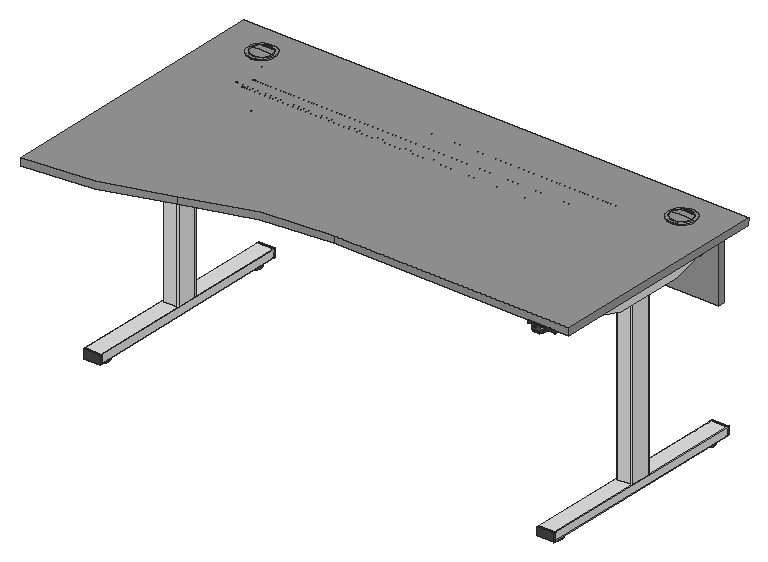
Revit family "Wave Desk with Cable Ports - LH", category Furniture, Revit 2016 (continued)
Definition of nested family "Cable Tray"
  Lines and regions (mm)
    sketch lines
      curve 156: arc (-300, 330.808, 613.5) -> (-300, 332.571, 614.073) -> (-300, 333.661, 615.573) r 3
      curve 164: line (-400, 330.808, 613.5) -> (-400, 247.192, 613.5)
      curve 165: arc (-400, 247.192, 613.5) -> (-400, 245.429, 614.073) -> (-400, 244.339, 615.573) r 3
      curve 166: line (-400, 244.339, 615.573) -> (-400, 236.24, 640.5)
      curve 167: line (-400, 333.661, 615.573) -> (-400, 341.76, 640.5)
      curve 168: arc (-400, 330.808, 613.5) -> (-400, 332.571, 614.073) -> (-400, 333.661, 615.573) r 3
      curve 176: line (-500, 330.808, 613.5) -> (-500, 247.192, 613.5)
      curve 177: arc (-500, 247.192, 613.5) -> (-500, 245.429, 614.073) -> (-500, 244.339, 615.573) r 3
      curve 178: line (-500, 244.339, 615.573) -> (-500, 236.24, 640.5)
      curve 179: line (-500, 333.661, 615.573) -> (-500, 341.76, 640.5)
      curve 180: arc (-500, 330.808, 613.5) -> (-500, 332.571, 614.073) -> (-500, 333.661, 615.573) r 3
      curve 188: line (-600, 330.808, 613.5) -> (-600, 247.192, 613.5)
      curve 189: arc (-600, 247.192, 613.5) -> (-600, 245.429, 614.073) -> (-600, 244.339, 615.573) r 3
      curve 190: line (-600, 244.339, 615.573) -> (-600, 236.24, 640.5)
      curve 191: line (-600, 333.661, 615.573) -> (-600, 341.76, 640.5)
      curve 192: arc (-600, 330.808, 613.5) -> (-600, 332.571, 614.073) -> (-600, 333.661, 615.573) r 3
      curve 200: line (-700, 330.808, 613.5) -> (-700, 247.192, 613.5)
      curve 201: arc (-700, 247.192, 613.5) -> (-700, 245.429, 614.073) -> (-700, 244.339, 615.573) r 3
      curve 202: line (-700, 244.339, 615.573) -> (-700, 236.24, 640.5)
      curve 203: line (-700, 333.661, 615.573) -> (-700, 341.76, 640.5)
      curve 204: arc (-700, 330.808, 613.5) -> (-700, 332.571, 614.073) -> (-700, 333.661, 615.573) r 3
      curve 212: line (-200, 330.808, 613.5) -> (-200, 247.192, 613.5)
      curve 213: arc (-200, 247.192, 613.5) -> (-200, 245.429, 614.073) -> (-200, 244.339, 615.573) r 3
      curve 214: line (-200, 244.339, 615.573) -> (-200, 236.24, 640.5)
      curve 215: line (-200, 333.661, 615.573) -> (-200, 341.76, 640.5)
      curve 216: arc (-200, 330.808, 613.5) -> (-200, 332.571, 614.073) -> (-200, 333.661, 615.573) r 3
    sketch lines, not visible
      curve 20: line (0, 318.719, 618.385) -> (0, 235.103, 618.385)
      curve 21: arc (0, 235.103, 618.385) -> (0, 233.34, 618.958) -> (0, 232.25, 620.458) r 3
      curve 22: line (0, 232.25, 620.458) -> (0, 224.151, 645.385)
      curve 23: line (0, 321.572, 620.458) -> (0, 329.671, 645.385)
      curve 24: arc (0, 318.719, 618.385) -> (0, 320.482, 618.958) -> (0, 321.572, 620.458) r 3
  Dimensions and locks
    equal spacing: plane 4, plane 3 "Center (Left/Right)", plane 5
    "Width": plane 4 to plane 5
    equal spacing: plane 7, plane 1 "Center (Front/Back)", plane 8
    locked: plane 7 to plane 8 at 800
    locked: plane 2 to plane 9 "Foot" at 15
    "HeightControl": plane 10 to level
    locked: plane 10 to plane 6 "Desktop Underside" at 25
    locked: plane 4 to plane 11 "Cable Tray Left" at 100
    locked: plane 12 "Cable Tray Right" to plane 5 at 100
    equal spacing: curve 3, curve 51, curve 123, curve 63, curve 75, curve 87, curve 99, curve 111, curve 27
    equal spacing: curve 39, curve 195, curve 183, curve 171, curve 159, curve 147, curve 207, curve 135, curve 3
    locked: plane 6 "Desktop Underside" to Extrusion 1 at 61.5
    locked: plane 7 to Extrusion 1 at 53.5
    locked: plane 6 "Desktop Underside" to Sweep 5 at 61.964
    locked: plane 6 "Desktop Underside" to Sweep 18 at 61.964
    locked: plane 6 "Desktop Underside" to Sweep 17 at 61.964
    locked: plane 6 "Desktop Underside" to Sweep 16 at 61.964
    locked: plane 6 "Desktop Underside" to Sweep 15 at 61.964
    locked: plane 6 "Desktop Underside" to Sweep 14 at 61.964
    locked: plane 6 "Desktop Underside" to Sweep 19 at 61.964
    locked: plane 6 "Desktop Underside" to Sweep 13 at 61.964
    locked: plane 6 "Desktop Underside" to Sweep 2 at 61.964
    locked: plane 6 "Desktop Underside" to Sweep 6 at 61.964
    locked: plane 6 "Desktop Underside" to Sweep 12 at 61.964
    locked: plane 6 "Desktop Underside" to Sweep 7 at 61.964
    locked: plane 6 "Desktop Underside" to Sweep 8 at 61.964
    locked: plane 6 "Desktop Underside" to Sweep 9 at 61.964
    locked: plane 6 "Desktop Underside" to Sweep 10 at 61.964
    locked: plane 6 "Desktop Underside" to Sweep 11 at 61.964
    locked: plane 6 "Desktop Underside" to Sweep 4 at 61.964
    locked: plane 7 to Extrusion 20 at 50.5
    locked: Extrusion 20 to plane 12 "Cable Tray Right" at 160
    locked: Extrusion 20 to Extrusion 20 at 25
    locked: Extrusion 21 to Extrusion 21 at 25
    locked: plane 11 "Cable Tray Left" to Extrusion 21 at 160
    aligned and locked: level to plane 2
    aligned and locked: Extrusion 1 to plane 12 "Cable Tray Right"
    aligned and locked: Extrusion 1 to plane 11 "Cable Tray Left"
    aligned and locked: plane 12 "Cable Tray Right" to curve 27
    aligned and locked: curve 39 to plane 11 "Cable Tray Left"
    aligned and locked: plane 6 "Desktop Underside" to Extrusion 20
  Automatic sketch dimensions
    Sweep 2 sketch curve to profile plane = 0 mm  (x2)
    Sweep 3 sketch curve to profile plane = 0 mm  (x2)
    Sweep 4 sketch curve to profile plane = 0 mm  (x2)
    Sweep 5 sketch curve to profile plane = 0 mm  (x2)
    Sweep 6 sketch curve to profile plane = 0 mm  (x2)
    Sweep 7 sketch curve to profile plane = 0 mm  (x2)
    Sweep 8 sketch curve to profile plane = 0 mm  (x2)
    Sweep 9 sketch curve to profile plane = 0 mm  (x2)
    Sweep 10 sketch curve to profile plane = 0 mm  (x2)
    Sweep 11 sketch curve to profile plane = 0 mm  (x2)
    Sweep 12 sketch curve to profile plane = 0 mm  (x2)
    Sweep 13 sketch curve to profile plane = 0 mm  (x2)
    Sweep 14 sketch curve to profile plane = 0 mm  (x2)
    Sweep 15 sketch curve to profile plane = 0 mm  (x2)
    Sweep 16 sketch curve to profile plane = 0 mm  (x2)
    Sweep 17 sketch curve to profile plane = 0 mm  (x2)
    Sweep 18 sketch curve to profile plane = 0 mm  (x2)
    Sweep 19 sketch curve to profile plane = 0 mm  (x2)
    Extrusion 1 sketch curve to plane 6 "Desktop Underside" = 61.5 mm  (x2)
    Extrusion 1 sketch curve to plane 7 = 167 mm
    Extrusion 1 sketch curve to Extrusion 1 sketch curve = 31 mm  (x2)
    Extrusion 1 sketch curve to Extrusion 1 sketch curve = 50 mm
    Extrusion 1 sketch curve to Extrusion 1 sketch curve = 30 mm  (x2)
    Extrusion 20 sketch curve to Extrusion 20 sketch curve = 0 mm  (x11)
    Extrusion 20 sketch curve to plane 6 "Desktop Underside" = 0 mm
    Extrusion 20 sketch curve to plane 6 "Desktop Underside" = 31.5 mm
    Extrusion 20 sketch curve to plane 7 = 171.565 mm
    Extrusion 20 sketch curve to Extrusion 20 sketch curve = 0.065 mm  (x2)
    Extrusion 20 sketch curve to Extrusion 20 sketch curve = 3 mm  (x4)
    Extrusion 20 sketch curve to Extrusion 20 sketch curve = 1.5 mm  (x4)
    Extrusion 20 sketch curve to Extrusion 20 sketch curve = 2.634 mm
    Extrusion 20 sketch curve to Extrusion 20 sketch curve = 0.049 mm  (x2)
    Extrusion 20 sketch curve to Extrusion 20 sketch curve = 39.801 mm
    Extrusion 20 sketch curve to Extrusion 20 sketch curve = 6 mm  (x2)
    Extrusion 20 sketch curve to Extrusion 20 sketch curve = 54.484 mm
    Extrusion 20 sketch curve to plane 6 "Desktop Underside" = 5 mm  (x2)
    Extrusion 20 sketch curve to Extrusion 20 sketch curve = 12 mm
    Extrusion 20 sketch curve to Extrusion 20 sketch curve = 36.451 mm
    Extrusion 20 sketch curve to Extrusion 20 sketch curve = 0.35 mm
    Extrusion 20 sketch curve to Extrusion 20 sketch curve = 0.016 mm
    Extrusion 20 sketch curve to plane 6 "Desktop Underside" = 56.074 mm
    Extrusion 20 sketch curve to Extrusion 20 sketch curve = 20.781 mm
    Extrusion 20 sketch curve to Extrusion 20 sketch curve = 5 mm  (x3)
    Extrusion 20 sketch curve to Extrusion 20 sketch curve = 5.426 mm
    Extrusion 20 sketch curve to Extrusion 20 sketch curve = 81.082 mm
    Extrusion 20 sketch curve to Extrusion 20 sketch curve = 3.312 mm
    Extrusion 20 sketch curve to Extrusion 20 sketch curve = 20.355 mm
    Extrusion 20 sketch curve to Extrusion 20 sketch curve = 2 mm  (x2)
    Extrusion 20 sketch curve to Extrusion 20 sketch curve = 0.293 mm  (x2)
    Extrusion 20 sketch curve to Extrusion 20 sketch curve = 3.101 mm
    Extrusion 20 sketch curve to plane 6 "Desktop Underside" = 8.101 mm
    Extrusion 20 sketch curve to Extrusion 20 sketch curve = 0.033 mm
    Extrusion 20 sketch curve to Extrusion 20 sketch curve = 1.263 mm
    Extrusion 21 sketch curve to Extrusion 21 sketch curve = 0 mm  (x11)
    Extrusion 21 sketch curve to plane 6 "Desktop Underside" = 0 mm
    Extrusion 21 sketch curve to plane 6 "Desktop Underside" = 31.5 mm
    Extrusion 21 sketch curve to plane 7 = 171.565 mm
    Extrusion 21 sketch curve to Extrusion 21 sketch curve = 0.065 mm  (x2)
    Extrusion 21 sketch curve to Extrusion 21 sketch curve = 3 mm  (x4)
    Extrusion 21 sketch curve to Extrusion 21 sketch curve = 1.5 mm  (x4)
    Extrusion 21 sketch curve to Extrusion 21 sketch curve = 2.634 mm
    Extrusion 21 sketch curve to Extrusion 21 sketch curve = 0.049 mm  (x2)
    Extrusion 21 sketch curve to Extrusion 21 sketch curve = 39.801 mm
    Extrusion 21 sketch curve to Extrusion 21 sketch curve = 6 mm  (x2)
    Extrusion 21 sketch curve to Extrusion 21 sketch curve = 54.484 mm
    Extrusion 21 sketch curve to plane 6 "Desktop Underside" = 5 mm  (x2)
    Extrusion 21 sketch curve to Extrusion 21 sketch curve = 12 mm
    Extrusion 21 sketch curve to Extrusion 21 sketch curve = 36.451 mm
    Extrusion 21 sketch curve to Extrusion 21 sketch curve = 0.35 mm
    Extrusion 21 sketch curve to Extrusion 21 sketch curve = 0.016 mm
    Extrusion 21 sketch curve to Extrusion 21 sketch curve = 3.101 mm  (x2)
    Extrusion 21 sketch curve to plane 6 "Desktop Underside" = 24.207 mm
    Extrusion 21 sketch curve to Extrusion 21 sketch curve = 7.293 mm
    Extrusion 21 sketch curve to Extrusion 21 sketch curve = 0.293 mm  (x2)
    Extrusion 21 sketch curve to Extrusion 21 sketch curve = 5 mm  (x3)
    Extrusion 21 sketch curve to Extrusion 21 sketch curve = 2 mm
    Extrusion 21 sketch curve to Extrusion 21 sketch curve = 20.355 mm
    Extrusion 21 sketch curve to Extrusion 21 sketch curve = 20.781 mm
    Extrusion 21 sketch curve to Extrusion 21 sketch curve = 5.426 mm
    Extrusion 21 sketch curve to Extrusion 21 sketch curve = 81.082 mm
    Extrusion 21 sketch curve to Extrusion 21 sketch curve = 3.312 mm
    Extrusion 21 sketch curve to Extrusion 21 sketch curve = 0.033 mm
    Extrusion 21 sketch curve to Extrusion 21 sketch curve = 1.263 mm
    radius of Sweep 2 sketch curve = 1.5 mm
    radius of Sweep 3 sketch curve = 1.5 mm
    radius of Sweep 4 sketch curve = 1.5 mm
    radius of Sweep 5 sketch curve = 1.5 mm
    radius of Sweep 6 sketch curve = 1.5 mm
    radius of Sweep 7 sketch curve = 1.5 mm
    radius of Sweep 8 sketch curve = 1.5 mm
    radius of Sweep 9 sketch curve = 1.5 mm
    radius of Sweep 10 sketch curve = 1.5 mm
    radius of Sweep 11 sketch curve = 1.5 mm
    radius of Sweep 12 sketch curve = 1.5 mm
    radius of Sweep 13 sketch curve = 1.5 mm
    radius of Sweep 14 sketch curve = 1.5 mm
    radius of Sweep 15 sketch curve = 1.5 mm
    radius of Sweep 16 sketch curve = 1.5 mm
    radius of Sweep 17 sketch curve = 1.5 mm
    radius of Sweep 18 sketch curve = 1.5 mm
    radius of Sweep 19 sketch curve = 1.5 mm
    radius of Extrusion 1 sketch curve = 1.5 mm  (x4)
Types (13, lengths in mm): name | Width | Product Code | Modesty Panel Visible | Modesty Panel | Cable Tray Visible | Cable Tray
  (no name) | 1800 | "HDLWL18P" | yes | "BTCPW18" | yes | "MECT18"
  1600 x 800 x 1000 | 1600 | "HDLWL16P" | no | "" | no | ""
  1800 x 800 x 1000 | 1800 | "HDLWL18P" | no | "" | no | ""
  1400 x 800 x 1000 | 1400 | "HDLWL14P" | no | "" | no | ""
  1800 x 800 x 1000 with Modesty Panel & Cable Tray | 1800 | "HDLWL18P" | yes | "BTCPW18" | yes | "MECT18"
  1800 x 800 x 1000 with Modesty Panel | 1800 | "HDLWL18P" | yes | "BTCPW18" | no | ""
  1800 x 800 x 1000 with Cable Tray | 1800 | "HDLWL18P" | no | "" | yes | "MECT18"
  1600 x 800 x 1000 with Modesty Panel & Cable Tray | 1600 | "HDLWL16P" | yes | "BTCPW16" | yes | "MECT16"
  1600 x 800 x 1000 with Modesty Panel | 1600 | "HDLWL16P" | yes | "BTCPW16" | no | ""
  1600 x 800 x 1000 with Cable Tray | 1600 | "HDLWL16P" | no | "" | yes | "MECT16"
  1400 x 800 x 1000 with Modesty Panel & Cable Tray | 1400 | "HDLWL14P" | yes | "BTCPW14" | yes | "MECT14"
  1400 x 800 x 1000 with Modesty Panel | 1400 | "HDLWL14P" | yes | "BTCPW14" | no | ""
  1400 x 800 x 1000 with Cable Tray | 1400 | "HDLWL14P" | no | "" | yes | "MECT14"
